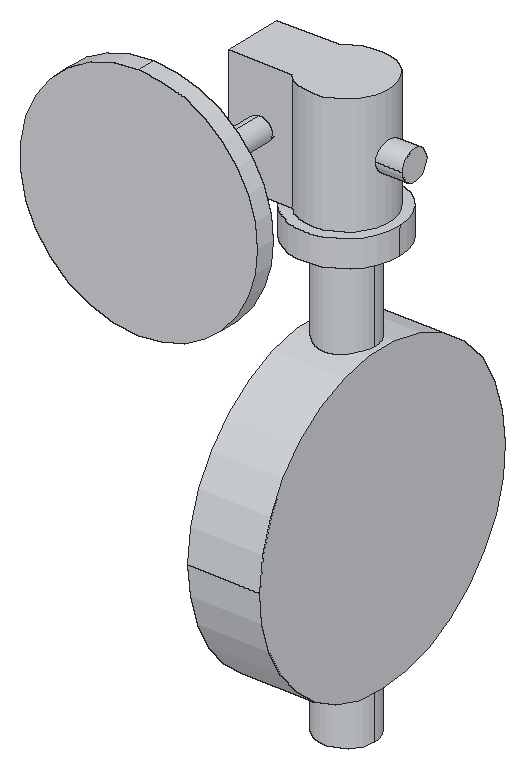
Revit family "HS497-68_disk-nerez_převodové kolo DN200-RFA_2018", category Pipe Accessories, Revit 2018
Family settings
  Round Connector Dimension = Use Diameter
  Part Type = Valve - Breaks Into
  Work Plane-Based = No
  Always vertical = Yes
  Cut with Voids When Loaded = No
  Shared = No
Parameters (values of type "HS 497-68_DN200_PN16_převodové kolo")
  magiProductId = "b2793cc1fcc44cf2a35062cd67c04f"
  magiProductFamilyId = "53cea81e6f374d17b8841d9c72ad77"
  magiPartTypeId = 305
  isMeasuringValve [instance] = no
  ang2D [instance] = 0.00°
  X11 = 61.456 mm
  X1 = 25.456 mm
  W2D = 1000 mm
  VersionID = "2.0/2017.9.26.1/ZETKAMA_497_001"
  Use Minimum Symbol Size [instance] = yes
  URL = "http://www.hydronic.cz"
  Type Comments = "mezipřírubová; nerezový disk; PN16; -10~+110°C (krátkodobě +120°C)"
  SW30 = yes
  SW3 = yes
  SW21 = no
  SW20 = no
  SW2 = no
  SW1 = no
  R = 100 mm
  QmdConnectorList = "301;D;302;D"
  Productdata [instance] = ""
  NC = 57 mm
  Manufacturer = "Hydronic Systems Prague s.r.o."
  MM20 = 25.456 mm
  MC Product Code = "126 200 (nerezový disk, s převodovým kolem; DN200; PN16, kvs2675)"
  M41 = 78.75 mm
  M4 = 52.5 mm
  LHL = 220 mm
  LHH3 = 2.45 mm
  LHH1 = 46.55 mm
  LH1 = 73.333 mm
  L4R__ve = -L4R  # -15.2 mm
  L4R = 15.2 mm
  L42__ve = -L42  # -114 mm
  L42 = 114 mm
  L41__ve = -L41  # -22.8 mm
  L41 = 22.8 mm
  L2D_Min = 3048 mm
  L2D = 216 mm
  L2 = 30 mm
  L1 = 48 mm
  L = 60 mm
  H = 33 mm
  G22 = 11.25 mm
  G2 = 22.5 mm
  G1 = 90 mm
  G = 90 mm
  F = 17 mm
  E44 = 50 mm
  E42 = 100 mm
  E4 = 200 mm
  E23 = 4.9 mm
  E22 = 19.6 mm
  E21 = 9.8 mm
  Description = "Mezipřírubová uzavírací klapka s převodovým kolem; nerezový disk, DN200; PN16; kvs2675"
  DR2 = 100 mm
  DR = 257 mm
  DD1 = 25 mm
  DD = 20 mm
  D = 200 mm
  CAT0 = yes
  B2__ve = -B2  # -70 mm
  B2 = 70 mm
  A2 = 22.5 mm
  A1 = 102.5 mm
Types (43, lengths in mm): name | magiProductId | X11 | X1 | Type Comments | SW30 | SW3 | SW20 | SW2 | SW1 | R | NC | Manufacturer | MM20 | MC Product Code | M41 | M4 | LHL | LHH3 | LHH1 | LH1 | L4R__ve | L4R | L42__ve | L42 | L41__ve | L41 | L2 | L1 | L | H | G | F | E44 | E42 | E4 | E23 | E22 | E21 | Description | DR2 | DR | DD1 | DD | D | B2__ve | B2 | A2 | A1
  HS 497-68_DN100_PN16_volné vřeteno | "65d1b245f4f142c78569c0602d5754" | 61.456 | 25.456 | "mezipřírubová; nerezový disk; PN16; -10~+110°C (krátkodobě +120°C)" | no | no | no | no | yes | 50 | 50 | "Hydronic Systems Prague s.r.o." | 25.456 | "124 100 (nerezový disk, s volným vřetenem; DN100; PN16, kvs512)" | 66 | 44 | 220 | 2.45 | 46.55 | 73.333 | -12.8 | 12.8 | -96 | 96 | -19.2 | 19.2 | 26 | 41.6 | 52 | 30 | 90 | 11 | 31.25 | 62.5 | 125 | 4.9 | 19.6 | 9.8 | "Mezipřírubová uzavírací klapka s volným vřetenem; nerezový disk, DN100; PN16; kvs512" | 50 | 147 | 15.625 | 12.5 | 100 | -56 | 56 | 16.5 | 98.5
  HS 497-68_DN100_PN16_převodové kolo | "11e91b807e674d428c8e796fcdcfe2" | 61.456 | 25.456 | "mezipřírubová; nerezový disk; PN16; -10~+110°C (krátkodobě +120°C)" | yes | yes | no | no | no | 50 | 50 | "Hydronic Systems Prague s.r.o." | 25.456 | "126 100 (nerezový disk, s převodovým kolem; DN100; PN16, kvs512)" | 65.25 | 43.5 | 220 | 2.45 | 46.55 | 73.333 | -12.8 | 12.8 | -96 | 96 | -19.2 | 19.2 | 26 | 41.6 | 52 | 30 | 90 | 11 | 31.25 | 62.5 | 125 | 4.9 | 19.6 | 9.8 | "Mezipřírubová uzavírací klapka s převodovým kolem; nerezový disk, DN100; PN16; kvs512" | 50 | 147 | 15.625 | 12.5 | 100 | -56 | 56 | 16.5 | 98.5
  HS 497-68_DN100_PN16_s pákou | "28172f0b3f4b47b28323ac71cf8749" | 61.456 | 25.456 | "mezipřírubová; nerezový disk; PN16; -10~+110°C (krátkodobě +120°C)" | no | no | yes | yes | no | 50 | 50 | "Hydronic Systems Prague s.r.o." | 25.456 | "121 100 (nerezový disk, s pákou; DN100; PN16, kvs512)" | 66 | 44 | 260 | 3 | 57 | 86.667 | -12.8 | 12.8 | -96 | 96 | -19.2 | 19.2 | 26 | 41.6 | 52 | 30 | 90 | 11 | 31.25 | 62.5 | 125 | 6 | 24 | 12 | "Mezipřírubová uzavírací klapka s pákou; nerezový disk, DN100; PN16; kvs512" | 50 | 147 | 15.625 | 12.5 | 100 | -56 | 56 | 16.5 | 98.5
  HS 497-68_DN125_PN16_volné vřeteno | "0d813d910fc14f628bb3c2efbd185c" | 61.456 | 25.456 | "mezipřírubová; nerezový disk; PN16; -10~+110°C (krátkodobě +120°C)" | no | no | no | no | yes | 62.5 | 50 | "Hydronic Systems Prague s.r.o." | 25.456 | "124 125 (nerezový disk, s volným vřetenem; DN125; PN16, kvs872)" | 66 | 44 | 220 | 2.45 | 46.55 | 73.333 | -12.8 | 12.8 | -96 | 96 | -19.2 | 19.2 | 28 | 44.8 | 56 | 33 | 90 | 14 | 31.25 | 62.5 | 125 | 4.9 | 19.6 | 9.8 | "Mezipřírubová uzavírací klapka s volným vřetenem; nerezový disk, DN125; PN16; kvs872" | 62.5 | 180 | 15.625 | 12.5 | 125 | -64 | 64 | 18 | 99.5
  HS 497-68_DN125_PN16_převodové kolo | "c56b7c13f372467684996fb1e0e229" | 61.456 | 25.456 | "mezipřírubová; nerezový disk; PN16; -10~+110°C (krátkodobě +120°C)" | yes | yes | no | no | no | 62.5 | 50 | "Hydronic Systems Prague s.r.o." | 25.456 | "126125 (nerezový disk, s převodovým kolem; DN125; PN16, kvs872)" | 65.25 | 43.5 | 220 | 2.45 | 46.55 | 73.333 | -13.5 | 13.5 | -101.25 | 101.25 | -20.25 | 20.25 | 28 | 44.8 | 56 | 33 | 90 | 14 | 40 | 80 | 160 | 4.9 | 19.6 | 9.8 | "Mezipřírubová uzavírací klapka s převodovým kolem; nerezový disk, DN125; PN16; kvs872" | 62.5 | 180 | 20 | 16 | 125 | -64 | 64 | 18 | 99.5
  HS 497-68_DN125_PN16_s pákou | "105993c79a91492399feef7931321a" | 61.456 | 25.456 | "mezipřírubová; nerezový disk; PN16; -10~+110°C (krátkodobě +120°C)" | no | no | yes | yes | no | 62.5 | 50 | "Hydronic Systems Prague s.r.o." | 25.456 | "121 125 (nerezový disk, s pákou; DN125; PN16, kvs872)" | 66 | 44 | 315 | 3.75 | 71.25 | 105 | -12.8 | 12.8 | -96 | 96 | -19.2 | 19.2 | 28 | 44.8 | 56 | 33 | 90 | 14 | 31.25 | 62.5 | 125 | 7.5 | 30 | 15 | "Mezipřírubová uzavírací klapka s pákou; nerezový disk, DN125; PN16; kvs872" | 62.5 | 180 | 15.625 | 12.5 | 125 | -64 | 64 | 18 | 99.5
  HS 497-68_DN150_PN16_volné vřeteno | "50c80cb8ab434f55ab7796e5ac1331" | 61.456 | 25.456 | "mezipřírubová; nerezový disk; PN16; -10~+110°C (krátkodobě +120°C)" | no | no | no | no | yes | 75 | 50 | "Hydronic Systems Prague s.r.o." | 25.456 | "124 150 (nerezový disk, s volným vřetenem; DN150; PN16, kvs1347)" | 66 | 44 | 220 | 2.45 | 46.55 | 73.333 | -12.8 | 12.8 | -96 | 96 | -19.2 | 19.2 | 28 | 44.8 | 56 | 33 | 90 | 14 | 31.25 | 62.5 | 125 | 4.9 | 19.6 | 9.8 | "Mezipřírubová uzavírací klapka s volným vřetenem; nerezový disk, DN150; PN16; kvs1347" | 75 | 206 | 15.625 | 12.5 | 150 | -58 | 58 | 19.3 | 98.7
  HS 497-68_DN150_PN16_převodové kolo | "d94a1a0cf83b476eb10011b327f709" | 61.456 | 25.456 | "mezipřírubová; nerezový disk; PN16; -10~+110°C (krátkodobě +120°C)" | yes | yes | no | no | no | 75 | 50 | "Hydronic Systems Prague s.r.o." | 25.456 | "126 150 (nerezový disk, s převodovým kolem; DN150; PN16, kvs1347)" | 65.25 | 43.5 | 220 | 2.45 | 46.55 | 73.333 | -13.5 | 13.5 | -101.25 | 101.25 | -20.25 | 20.25 | 28 | 44.8 | 56 | 33 | 90 | 14 | 40 | 80 | 160 | 4.9 | 19.6 | 9.8 | "Mezipřírubová uzavírací klapka s převodovým kolem; nerezový disk, DN150; PN16; kvs1347" | 75 | 206 | 20 | 16 | 150 | -58 | 58 | 19.3 | 98.7
  HS 497-68_DN150_PN16_s pákou | "4d2835523fe84828bc50ff0a5a0dfb" | 61.456 | 25.456 | "mezipřírubová; nerezový disk; PN16; -10~+110°C (krátkodobě +120°C)" | no | no | yes | yes | no | 75 | 50 | "Hydronic Systems Prague s.r.o." | 25.456 | "121 150 (nerezový disk, s pákou; DN150; PN16, kvs1347)" | 66 | 44 | 315 | 3.75 | 71.25 | 105 | -12.8 | 12.8 | -96 | 96 | -19.2 | 19.2 | 28 | 44.8 | 56 | 33 | 90 | 14 | 31.25 | 62.5 | 125 | 7.5 | 30 | 15 | "Mezipřírubová uzavírací klapka s pákou; nerezový disk, DN150; PN16; kvs1347" | 75 | 206 | 15.625 | 12.5 | 150 | -58 | 58 | 19.3 | 98.7
  HS 497-68_DN200_PN16_volné vřeteno | "5b29029eaeba47139ee1055a4b9201" | 61.456 | 25.456 | "mezipřírubová; nerezový disk; PN16; -10~+110°C (krátkodobě +120°C)" | no | no | no | no | yes | 100 | 50 | "Hydronic Systems Prague s.r.o." | 25.456 | "124 200 (nerezový disk, s volným vřetenem; DN200; PN16, kvs2675)" | 66 | 44 | 220 | 2.45 | 46.55 | 73.333 | -12.8 | 12.8 | -96 | 96 | -19.2 | 19.2 | 30 | 48 | 60 | 33 | 90 | 17 | 31.25 | 62.5 | 125 | 4.9 | 19.6 | 9.8 | "Mezipřírubová uzavírací klapka s volným vřetenem; nerezový disk, DN200; PN16; kvs2675" | 100 | 257 | 15.625 | 12.5 | 200 | -70 | 70 | 22.5 | 102.5
  HS 497-68_DN200_PN16_převodové kolo | "b2793cc1fcc44cf2a35062cd67c04f" | 61.456 | 25.456 | "mezipřírubová; nerezový disk; PN16; -10~+110°C (krátkodobě +120°C)" | yes | yes | no | no | no | 100 | 57 | "Hydronic Systems Prague s.r.o." | 25.456 | "126 200 (nerezový disk, s převodovým kolem; DN200; PN16, kvs2675)" | 78.75 | 52.5 | 220 | 2.45 | 46.55 | 73.333 | -15.2 | 15.2 | -114 | 114 | -22.8 | 22.8 | 30 | 48 | 60 | 33 | 90 | 17 | 50 | 100 | 200 | 4.9 | 19.6 | 9.8 | "Mezipřírubová uzavírací klapka s převodovým kolem; nerezový disk, DN200; PN16; kvs2675" | 100 | 257 | 25 | 20 | 200 | -70 | 70 | 22.5 | 102.5
  HS 497-68_DN200_PN16_s pákou | "f88d96c7af224537a51e72d7d8fffe" | 61.456 | 25.456 | "mezipřírubová; nerezový disk; PN16; -10~+110°C (krátkodobě +120°C)" | no | no | yes | yes | no | 100 | 50 | "Hydronic Systems Prague s.r.o." | 25.456 | "121 200 (nerezový disk, s pákou; DN200; PN16, kvs2675)" | 66 | 44 | 315 | 3.75 | 71.25 | 105 | -12.8 | 12.8 | -96 | 96 | -19.2 | 19.2 | 30 | 48 | 60 | 33 | 90 | 17 | 31.25 | 62.5 | 125 | 7.5 | 30 | 15 | "Mezipřírubová uzavírací klapka s pákou; nerezový disk, DN200; PN16; kvs2675" | 100 | 257 | 15.625 | 12.5 | 200 | -70 | 70 | 22.5 | 102.5
  HS 497-68_DN250_PN16_volné vřeteno | "b662e8305ca2402b9c510e66e6aa55" | 88.77 | 36.77 | "mezipřírubová; nerezový disk; PN16; -10~+110°C (krátkodobě +120°C)" | no | no | no | no | yes | 125 | 50 | "Hydronic Systems Prague s.r.o." | 36.77 | "124 250 (nerezový disk, s volným vřetenem; DN250; PN16, kvs4555)" | 66 | 44 | 220 | 2.45 | 46.55 | 73.333 | -12.8 | 12.8 | -96 | 96 | -19.2 | 19.2 | 34 | 54.4 | 68 | 23 | 130 | 22 | 31.25 | 62.5 | 125 | 4.9 | 19.6 | 9.8 | "Mezipřírubová uzavírací klapka s volným vřetenem; nerezový disk, DN250; PN16; kvs4555" | 125 | 324 | 15.625 | 12.5 | 250 | -85 | 85 | 28.25 | 129.25
  HS 497-68_DN250_PN16_převodové kolo | "5ee9016806664ddfaa2632711f295c" | 88.77 | 36.77 | "mezipřírubová; nerezový disk; PN16; -10~+110°C (krátkodobě +120°C)" | yes | yes | no | no | no | 125 | 70 | "Hydronic Systems Prague s.r.o." | 36.77 | "126 250 (nerezový disk, s převodovým kolem; DN250; PN16, kvs4555)" | 91.5 | 61 | 220 | 2.45 | 46.55 | 73.333 | -22.2 | 22.2 | -166.5 | 166.5 | -33.3 | 33.3 | 34 | 54.4 | 68 | 23 | 130 | 22 | 62.5 | 125 | 250 | 4.9 | 19.6 | 9.8 | "Mezipřírubová uzavírací klapka s převodovým kolem; nerezový disk, DN250; PN16; kvs4555" | 125 | 324 | 31.25 | 25 | 250 | -85 | 85 | 28.25 | 129.25
  HS 497-68_DN300_PN16_volné vřeteno | "e1886f51ff004380a649519258edf2" | 88.77 | 36.77 | "mezipřírubová; nerezový disk; PN16; -10~+110°C (krátkodobě +120°C)" | no | no | no | no | yes | 150 | 50 | "Hydronic Systems Prague s.r.o." | 36.77 | "124 300 (nerezový disk, s volným vřetenem; DN300; PN16, kvs7037)" | 66 | 44 | 220 | 2.45 | 46.55 | 73.333 | -12.8 | 12.8 | -96 | 96 | -19.2 | 19.2 | 39 | 62.4 | 78 | 23 | 130 | 22 | 31.25 | 62.5 | 125 | 4.9 | 19.6 | 9.8 | "Mezipřírubová uzavírací klapka s volným vřetenem; nerezový disk, DN300; PN16; kvs7037" | 150 | 376 | 15.625 | 12.5 | 300 | -90 | 90 | 30.8 | 127.2
  HS 497-68_DN300_PN16_převodové kolo | "6860f094f77d42088fbebc3c97f755" | 88.77 | 36.77 | "mezipřírubová; nerezový disk; PN16; -10~+110°C (krátkodobě +120°C)" | yes | yes | no | no | no | 150 | 70 | "Hydronic Systems Prague s.r.o." | 36.77 | "126 300 (nerezový disk, s převodovým kolem; DN300; PN16, kvs7037)" | 91.5 | 61 | 220 | 2.45 | 46.55 | 73.333 | -22.2 | 22.2 | -166.5 | 166.5 | -33.3 | 33.3 | 39 | 62.4 | 78 | 23 | 130 | 22 | 62.5 | 125 | 250 | 4.9 | 19.6 | 9.8 | "Mezipřírubová uzavírací klapka s převodovým kolem; nerezový disk, DN300; PN16; kvs7037" | 150 | 376 | 31.25 | 25 | 300 | -90 | 90 | 30.8 | 127.2
  HS 497-68_DN032_PN16_volné vřeteno | "8c5f65de52aa4067a77564107e31b2" | 61.456 | 25.456 | "mezipřírubová; nerezový disk; PN16; -10~+110°C (krátkodobě +120°C)" | no | no | no | no | yes | 16 | 50 | "Hydronic Systems Prague s.r.o." | 25.456 | "124 032 (nerezový disk, s volným vřetenem; DN32; PN16, kvs78)" | 66 | 44 | 220 | 2.45 | 46.55 | 73.333 | -12.8 | 12.8 | -96 | 96 | -19.2 | 19.2 | 16.5 | 26.4 | 33 | 30 | 90 | 11 | 31.25 | 62.5 | 125 | 4.9 | 19.6 | 9.8 | "Mezipřírubová uzavírací klapka s volným vřetenem; nerezový disk, DN32; PN16; kvs78" | 16 | 68 | 15.625 | 12.5 | 32 | -44.2 | 44.2 | 10.25 | 76.25
  HS 497-68_DN032_PN16_převodové kolo | "60aaeffa8b3a4e809ef000e4660060" | 61.456 | 25.456 | "mezipřírubová; nerezový disk; PN16; -10~+110°C (krátkodobě +120°C)" | yes | yes | no | no | no | 16 | 50 | "Hydronic Systems Prague s.r.o." | 25.456 | "126 032 (nerezový disk, s převodovým kolem; DN32; PN16, kvs78)" | 65.25 | 43.5 | 220 | 2.45 | 46.55 | 73.333 | -12.8 | 12.8 | -96 | 96 | -19.2 | 19.2 | 16.5 | 26.4 | 33 | 30 | 90 | 11 | 31.25 | 62.5 | 125 | 4.9 | 19.6 | 9.8 | "Mezipřírubová uzavírací klapka s převodovým kolem; nerezový disk, DN32; PN16; kvs78" | 16 | 68 | 15.625 | 12.5 | 32 | -44.2 | 44.2 | 10.25 | 76.25
  HS 497-68_DN032_PN16_s pákou | "9ad8088d610749a1b871aa2aad8007" | 61.456 | 25.456 | "mezipřírubová; nerezový disk; PN16; -10~+110°C (krátkodobě +120°C)" | no | no | yes | yes | no | 16 | 50 | "Hydronic Systems Prague s.r.o." | 25.456 | "121 032 (nerezový disk, s pákou; DN32; PN16, kvs78)" | 66 | 44 | 220 | 2.45 | 46.55 | 73.333 | -12.8 | 12.8 | -96 | 96 | -19.2 | 19.2 | 16.5 | 26.4 | 33 | 30 | 90 | 11 | 31.25 | 62.5 | 125 | 4.9 | 19.6 | 9.8 | "Mezipřírubová uzavírací klapka s pákou; nerezový disk, DN32; PN16; kvs78" | 16 | 68 | 15.625 | 12.5 | 32 | -44.2 | 44.2 | 10.25 | 76.25
  HS 497-68_DN350_PN10_volné vřeteno | "72a1e05f22944421b7e9596a877137" | 109.255 | 45.255 | "mezipřírubová; nerezový disk; PN10; -10~+110°C (krátkodobě +120°C)" | no | no | no | no | yes | 175 | 50 | "Hydronic Systems Prague s.r.o." | 45.255 | "124 350 (nerezový disk, s volným vřetenem; DN350; PN10, kvs10165)" | 66 | 44 | 220 | 2.45 | 46.55 | 73.333 | -12.8 | 12.8 | -96 | 96 | -19.2 | 19.2 | 39 | 62.4 | 78 | 31 | 160 | 22 | 31.25 | 62.5 | 125 | 4.9 | 19.6 | 9.8 | "Mezipřírubová uzavírací klapka s volným vřetenem; nerezový disk, DN350; PN10; kvs10165" | 175 | 430 | 15.625 | 12.5 | 350 | -88 | 88 | 33.85 | 129.65
  HS 497-68_DN350_PN10_převodové kolo | "a5a01426cb28494ba3afca92f1dace" | 109.255 | 45.255 | "mezipřírubová; nerezový disk; PN10; -10~+110°C (krátkodobě +120°C)" | yes | yes | no | no | no | 175 | 70 | "Hydronic Systems Prague s.r.o." | 45.255 | "126 350 (nerezový disk, s převodovým kolem; DN350; PN10, kvs10165)" | 91.5 | 61 | 220 | 2.45 | 46.55 | 73.333 | -22.2 | 22.2 | -166.5 | 166.5 | -33.3 | 33.3 | 39 | 62.4 | 78 | 31 | 160 | 22 | 62.5 | 125 | 250 | 4.9 | 19.6 | 9.8 | "Mezipřírubová uzavírací klapka s převodovým kolem; nerezový disk, DN350; PN10; kvs10165" | 175 | 430 | 31.25 | 25 | 350 | -88 | 88 | 33.85 | 129.65
  HS 497-68_DN400_PN10_volné vřeteno | "c70ebeb927c04ab99b176e257ad0a7" | 109.255 | 45.255 | "mezipřírubová; nerezový disk; PN10; -10~+110°C (krátkodobě +120°C)" | no | no | no | no | yes | 200 | 50 | "Hydronic Systems Prague s.r.o." | 45.255 | "124 400 (nerezový disk, s volným vřetenem; DN400; PN10, kvs13799)" | 66 | 44 | 220 | 2.45 | 46.55 | 73.333 | -12.8 | 12.8 | -96 | 96 | -19.2 | 19.2 | 51 | 81.6 | 102 | 31 | 160 | 27 | 31.25 | 62.5 | 125 | 4.9 | 19.6 | 9.8 | "Mezipřírubová uzavírací klapka s volným vřetenem; nerezový disk, DN400; PN10; kvs13799" | 200 | 485 | 15.625 | 12.5 | 400 | -108 | 108 | 38 | 142
  HS 497-68_DN400_PN10_převodové kolo | "cc64a4384dcb41b780d81810f4f293" | 109.255 | 45.255 | "mezipřírubová; nerezový disk; PN10; -10~+110°C (krátkodobě +120°C)" | yes | yes | no | no | no | 200 | 72.5 | "Hydronic Systems Prague s.r.o." | 45.255 | "126 400 (nerezový disk, s převodovým kolem; DN400; PN10, kvs13799)" | 103.5 | 69 | 220 | 2.45 | 46.55 | 73.333 | -27.8 | 27.8 | -208.5 | 208.5 | -41.7 | 41.7 | 51 | 81.6 | 102 | 31 | 160 | 27 | 75 | 150 | 300 | 4.9 | 19.6 | 9.8 | "Mezipřírubová uzavírací klapka s převodovým kolem; nerezový disk, DN400; PN10; kvs13799" | 200 | 485 | 37.5 | 30 | 400 | -108 | 108 | 38 | 142
  HS 497-68_DN040_PN16_volné vřeteno | "35f92312390745e88df5b5c325d9ee" | 61.456 | 25.456 | "mezipřírubová; nerezový disk; PN16; -10~+110°C (krátkodobě +120°C)" | no | no | no | no | yes | 20 | 50 | "Hydronic Systems Prague s.r.o." | 25.456 | "124 040 (nerezový disk, s volným vřetenem; DN40; PN16, kvs78)" | 66 | 44 | 220 | 2.45 | 46.55 | 73.333 | -12.8 | 12.8 | -96 | 96 | -19.2 | 19.2 | 16.5 | 26.4 | 33 | 30 | 90 | 11 | 31.25 | 62.5 | 125 | 4.9 | 19.6 | 9.8 | "Mezipřírubová uzavírací klapka s volným vřetenem; nerezový disk, DN40; PN16; kvs78" | 20 | 76 | 15.625 | 12.5 | 40 | -36 | 36 | 11 | 79
  HS 497-68_DN040_PN16_převodové kolo | "d88e968eae3445bc9b7b4e6ff35127" | 61.456 | 25.456 | "mezipřírubová; nerezový disk; PN16; -10~+110°C (krátkodobě +120°C)" | yes | yes | no | no | no | 20 | 50 | "Hydronic Systems Prague s.r.o." | 25.456 | "126 040 (nerezový disk, s převodovým kolem; DN40; PN16, kvs78)" | 65.25 | 43.5 | 220 | 2.45 | 46.55 | 73.333 | -12.8 | 12.8 | -96 | 96 | -19.2 | 19.2 | 16.5 | 26.4 | 33 | 30 | 90 | 11 | 31.25 | 62.5 | 125 | 4.9 | 19.6 | 9.8 | "Mezipřírubová uzavírací klapka s převodovým kolem; nerezový disk, DN40; PN16; kvs78" | 20 | 76 | 15.625 | 12.5 | 40 | -36 | 36 | 11 | 79
  HS 497-68_DN040_PN16_s pákou | "c1b522ca65b4407a98818f232eaacb" | 61.456 | 25.456 | "mezipřírubová; nerezový disk; PN16; -10~+110°C (krátkodobě +120°C)" | no | no | yes | yes | no | 20 | 50 | "Hydronic Systems Prague s.r.o." | 25.456 | "121 040 (nerezový disk, s pákou; DN40; PN16, kvs78)" | 66 | 44 | 220 | 2.45 | 46.55 | 73.333 | -12.8 | 12.8 | -96 | 96 | -19.2 | 19.2 | 16.5 | 26.4 | 33 | 30 | 90 | 11 | 31.25 | 62.5 | 125 | 4.9 | 19.6 | 9.8 | "Mezipřírubová uzavírací klapka s pákou; nerezový disk, DN40; PN16; kvs78" | 20 | 76 | 15.625 | 12.5 | 40 | -36 | 36 | 11 | 79
  HS 497-68_DN450_PN10_volné vřeteno | "a8358bc282f14872b3194e530e590a" | 129.74 | 53.74 | "mezipřírubová; nerezový disk; PN10; -10~+110°C (krátkodobě +120°C)" | no | no | no | no | yes | 225 | 50 | "Hydronic Systems Prague s.r.o." | 53.74 | "124 450 (nerezový disk, s volným vřetenem; DN450; PN10, kvs18514)" | 66 | 44 | 220 | 2.45 | 46.55 | 73.333 | -12.8 | 12.8 | -96 | 96 | -19.2 | 19.2 | 57 | 91.2 | 114 | 38 | 190 | 36 | 31.25 | 62.5 | 125 | 4.9 | 19.6 | 9.8 | "Mezipřírubová uzavírací klapka s volným vřetenem; nerezový, DN450; PN10; kvs18514" | 225 | 536 | 15.625 | 12.5 | 450 | -115 | 115 | 38.05 | 117.45
  HS 497-68_DN450_PN10_převodové kolo | "cdf2d80f54a9414f9cbe50647c0ebd" | 129.74 | 53.74 | "mezipřírubová; nerezový disk; PN10; -10~+110°C (krátkodobě +120°C)" | yes | yes | no | no | no | 225 | 91.5 | "Zetkama" | 53.74 | "126 450 (nerezový disk, s převodovým kolem; DN450; PN10, kvs18514)" | 144.75 | 96.5 | 220 | 2.45 | 46.55 | 73.333 | -32.1 | 32.1 | -240.75 | 240.75 | -48.15 | 48.15 | 57 | 91.2 | 114 | 38 | 190 | 36 | 100 | 200 | 400 | 4.9 | 19.6 | 9.8 | "Mezipřírubová uzavírací klapka s převodovým kolem; nerezový disk, DN450; PN10; kvs18514" | 225 | 536 | 50 | 40 | 450 | -115 | 115 | 38.05 | 117.45
  HS 497-68_DN500_PN10_volné vřeteno | "8c396e27bb2743f98f3c762b6517cd" | 143.397 | 59.397 | "mezipřírubová; nerezový disk; PN10; -10~+110°C (krátkodobě +120°C)" | no | no | no | no | yes | 250 | 50 | "Hydronic Systems Prague s.r.o." | 59.397 | "124 500 (nerezový disk, s volným vřetenem; DN500; PN10, kvs23805)" | 66 | 44 | 220 | 2.45 | 46.55 | 73.333 | -12.8 | 12.8 | -96 | 96 | -19.2 | 19.2 | 63.5 | 101.6 | 127 | 38 | 210 | 36 | 31.25 | 62.5 | 125 | 4.9 | 19.6 | 9.8 | "Mezipřírubová uzavírací klapka s volným vřetenem; nerezový disk, DN500; PN10; kvs23805" | 250 | 593 | 15.625 | 12.5 | 500 | -130 | 130 | 43.25 | 139.25
  HS 497-68_DN500_PN10_převodové kolo | "7647804f32e94cef828a7034a91a46" | 143.397 | 59.397 | "mezipřírubová; nerezový disk; PN10; -10~+110°C (krátkodobě +120°C)" | yes | yes | no | no | no | 250 | 91.5 | "Zetkama" | 59.397 | "126 500 (nerezový disk, s převodovým kolem; DN500; PN10, kvs23805)" | 144.75 | 96.5 | 220 | 2.45 | 46.55 | 73.333 | -32.1 | 32.1 | -240.75 | 240.75 | -48.15 | 48.15 | 63.5 | 101.6 | 127 | 38 | 210 | 36 | 100 | 200 | 400 | 4.9 | 19.6 | 9.8 | "Mezipřírubová uzavírací klapka s převodovým kolem; nerezový disk, DN500; PN10; kvs23805" | 250 | 593 | 50 | 40 | 500 | -130 | 130 | 43.25 | 139.25
  HS 497-68_DN050_volné vřeteno | "d71f296ecd6d4adf8f6e5d9853b4e0" | 61.456 | 25.456 | "mezipřírubová; nerezový disk; PN16; -10~+110°C (krátkodobě +120°C)" | no | no | no | no | yes | 25 | 50 | "Hydronic Systems Prague s.r.o." | 25.456 | "124 050 (nerezový disk, s volným vřetenem; DN50; PN16, kvs98)" | 66 | 44 | 220 | 2.45 | 46.55 | 73.333 | -12.8 | 12.8 | -96 | 96 | -19.2 | 19.2 | 21.5 | 34.4 | 43 | 30 | 90 | 11 | 31.25 | 62.5 | 125 | 4.9 | 19.6 | 9.8 | "Mezipřírubová uzavírací klapka s volným vřetenem; nerezový disk, DN50; PN16; kvs98" | 25 | 100 | 15.625 | 12.5 | 50 | -36.5 | 36.5 | 12 | 83
  HS 497-68_DN050_PN16_převodové kolo | "2fb080deeaed49c58418b94c1da5a4" | 61.456 | 25.456 | "mezipřírubová; nerezový disk; PN16; -10~+110°C (krátkodobě +120°C)" | yes | yes | no | no | no | 25 | 50 | "Hydronic Systems Prague s.r.o." | 25.456 | "126 050 (nerezový disk, s převodovým kolem; DN50; PN16, kvs98)" | 65.25 | 43.5 | 220 | 2.45 | 46.55 | 73.333 | -12.8 | 12.8 | -96 | 96 | -19.2 | 19.2 | 21.5 | 34.4 | 43 | 30 | 90 | 11 | 31.25 | 62.5 | 125 | 4.9 | 19.6 | 9.8 | "Mezipřírubová uzavírací klapka s převodovým kolem; nerezový disk, DN50; PN16; kvs98" | 25 | 100 | 15.625 | 12.5 | 50 | -36.5 | 36.5 | 12 | 83
  HS 497-68_DN050_PN16_s pákou | "dabc632061f94877a994b9b4e68112" | 61.456 | 25.456 | "mezipřírubová; nerezový disk; PN16; -10~+110°C (krátkodobě +120°C)" | no | no | yes | yes | no | 25 | 50 | "Hydronic Systems Prague s.r.o." | 25.456 | "121 050 (nerezový disk, s pákou; DN50; PN16, kvs98)" | 66 | 44 | 220 | 2.45 | 46.55 | 73.333 | -12.8 | 12.8 | -96 | 96 | -19.2 | 19.2 | 21.5 | 34.4 | 43 | 30 | 90 | 11 | 31.25 | 62.5 | 125 | 4.9 | 19.6 | 9.8 | "Mezipřírubová uzavírací klapka s pákou; nerezový disk, DN50; PN16; kvs98" | 25 | 100 | 15.625 | 12.5 | 50 | -36.5 | 36.5 | 12 | 83
  HS 497-68_DN600_PN10_volné vřeteno | "99d5892c14664fce81a7c5903f7711" | 143.397 | 59.397 | "mezipřírubová; nerezový disk; PN10; -10~+110°C (krátkodobě +120°C)" | no | no | no | no | yes | 300 | 50 | "Hydronic Systems Prague s.r.o." | 59.397 | "124 600 (nerezový disk, s volným vřetenem; DN600; PN10, kvs36778)" | 66 | 44 | 220 | 2.45 | 46.55 | 73.333 | -12.8 | 12.8 | -96 | 96 | -19.2 | 19.2 | 77 | 123.2 | 154 | 80 | 210 | 60 | 31.25 | 62.5 | 125 | 4.9 | 19.6 | 9.8 | "Mezipřírubová uzavírací klapka s volným vřetenem; nerezový disk, DN600; PN10; kvs36788" | 300 | 690 | 15.625 | 12.5 | 600 | -140 | 140 | 49.4 | 144.6
  HS 497-68_DN600_PN10_převodové kolo | "b1e26faab48a4c499f6bb11e7e3002" | 143.397 | 59.397 | "mezipřírubová; lnerezový disk; PN10; -10~+110°C (krátkodobě +120°C)" | yes | yes | no | no | no | 300 | 140 | "Hydronic Systems Prague s.r.o." | 59.397 | "126 600 (nerezový disk, s převodovým kolem; DN600; PN10, kvs36778)" | 206.25 | 137.5 | 220 | 2.45 | 46.55 | 73.333 | -40.8 | 40.8 | -306 | 306 | -61.2 | 61.2 | 77 | 123.2 | 154 | 80 | 210 | 60 | 125 | 250 | 500 | 4.9 | 19.6 | 9.8 | "Mezipřírubová uzavírací klapka s převodovým kolem; nerezový disk, DN600; PN10; kvs36788" | 300 | 690 | 62.5 | 50 | 600 | -140 | 140 | 49.4 | 144.6
  HS 497-68_DN065_PN16_volné vřeteno | "5e5e208646e34ec29f889baab5d08e" | 61.456 | 25.456 | "mezipřírubová; lnerezový disk; PN16; -10~+110°C (krátkodobě +120°C)" | no | no | no | no | yes | 32.5 | 50 | "Hydronic Systems Prague s.r.o." | 25.456 | "124 065 (nerezový disk, s volným vřetenem; DN65; PN16, kvs167)" | 66 | 44 | 220 | 2.45 | 46.55 | 73.333 | -12.8 | 12.8 | -96 | 96 | -19.2 | 19.2 | 23 | 36.8 | 46 | 30 | 90 | 11 | 31.25 | 62.5 | 125 | 4.9 | 19.6 | 9.8 | "Mezipřírubová uzavírací klapka s volným vřetenem; nerezový disk, DN65; PN16; kv167" | 32.5 | 108 | 15.625 | 12.5 | 65 | -36.5 | 36.5 | 13.5 | 89
  HS 497-68_DN065_PN16_převodové kolo | "654d74c8d15540b0bfe523d988ccb3" | 61.456 | 25.456 | "mezipřírubová; nerezový disk; PN16; -10~+110°C (krátkodobě +120°C)" | yes | yes | no | no | no | 32.5 | 50 | "Hydronic Systems Prague s.r.o." | 25.456 | "126 065 (nerezový disk, s převodovým kolem; DN65; PN16, kvs167)" | 65.25 | 43.5 | 220 | 2.45 | 46.55 | 73.333 | -12.8 | 12.8 | -96 | 96 | -19.2 | 19.2 | 23 | 36.8 | 46 | 30 | 90 | 11 | 31.25 | 62.5 | 125 | 4.9 | 19.6 | 9.8 | "Mezipřírubová uzavírací klapka s převodovým kolem; nerezový disk, DN65; PN16; kvs167" | 32.5 | 108 | 15.625 | 12.5 | 65 | -36.5 | 36.5 | 13.5 | 89
  HS 497-68_DN065_PN16_s pákou | "ebeb4b59db0641caaf6d6635ab37b9" | 61.456 | 25.456 | "mezipřírubová; nerezový disk; PN16; -10~+110°C (krátkodobě +120°C)" | no | no | yes | yes | no | 32.5 | 50 | "Hydronic Systems Prague s.r.o." | 25.456 | "121 065 (nerezový disk, s pákou; DN65; PN16, kvs167)" | 66 | 44 | 220 | 2.45 | 46.55 | 73.333 | -12.8 | 12.8 | -96 | 96 | -19.2 | 19.2 | 23 | 36.8 | 46 | 30 | 90 | 11 | 31.25 | 62.5 | 125 | 4.9 | 19.6 | 9.8 | "Mezipřírubová uzavírací klapka s pákou; nerezový disk, DN65; PN16; kvs167" | 32.5 | 108 | 15.625 | 12.5 | 65 | -36.5 | 36.5 | 13.5 | 89
  HS 497-68_DN080_PN16_volné vřeteno | "9e85c75c18654e1185a9c48ed6b00e" | 61.456 | 25.456 | "mezipřírubová; nerezový disk; PN16; -10~+110°C (krátkodobě +120°C)" | no | no | no | no | yes | 40 | 50 | "Hydronic Systems Prague s.r.o." | 25.456 | "124 080 (nerezový disk, s volným vřetenem; DN80; PN16, kvs258)" | 66 | 44 | 220 | 2.45 | 46.55 | 73.333 | -12.8 | 12.8 | -96 | 96 | -19.2 | 19.2 | 23 | 36.8 | 46 | 30 | 90 | 11 | 31.25 | 62.5 | 125 | 4.9 | 19.6 | 9.8 | "Mezipřírubová uzavírací klapka s volným vřetenem; nerezový disk, DN80; PN16; kvs258" | 40 | 124 | 15.625 | 12.5 | 80 | -54 | 54 | 14.1 | 86.9
  HS 497-68_DN080_PN16_převodové kolo | "5b3c8238c3d041e68c75b199e7ea46" | 61.456 | 25.456 | "mezipřírubová; nerezový disk; PN16; -10~+110°C (krátkodobě +120°C)" | yes | yes | no | no | no | 40 | 50 | "Hydronic Systems Prague s.r.o." | 25.456 | "126 080 (nerezový disk, s převodovým kolem; DN80; PN16, kvs258)" | 65.25 | 43.5 | 220 | 2.45 | 46.55 | 73.333 | -12.8 | 12.8 | -96 | 96 | -19.2 | 19.2 | 23 | 36.8 | 46 | 30 | 90 | 11 | 31.25 | 62.5 | 125 | 4.9 | 19.6 | 9.8 | "Mezipřírubová uzavírací klapka s převodovým kolem; nerezový disk, DN80; PN16; kvs258" | 40 | 124 | 15.625 | 12.5 | 80 | -54 | 54 | 14.1 | 86.9
  HS 497-68_DN080_PN16_s pákou | "e414795fab0f4eccb99bc3572c5477" | 61.456 | 25.456 | "mezipřírubová; nerezový disk; PN16; -10~+110°C (krátkodobě +120°C)" | no | no | yes | yes | no | 40 | 50 | "Hydronic Systems Prague s.r.o." | 25.456 | "121 080 (nerezový disk, s pákou; DN80; PN16, kvs258)" | 66 | 44 | 260 | 3 | 57 | 86.667 | -12.8 | 12.8 | -96 | 96 | -19.2 | 19.2 | 23 | 36.8 | 46 | 30 | 90 | 11 | 31.25 | 62.5 | 125 | 6 | 24 | 12 | "Mezipřírubová uzavírací klapka s pákou; nerezový disk, DN80; PN16; kvs258" | 40 | 124 | 15.625 | 12.5 | 80 | -54 | 54 | 14.1 | 86.9
  HS 497-68_DN250_PN16_s pákou | "" | 88.77 | 36.77 | "mezipřírubová; nerezový disk; PN16; -10~+110°C (krátkodobě +120°C)" | no | no | yes | yes | no | 125 | 70 | "Hydronic Systems Prague s.r.o." | 36.77 | "121 250 (nerezový disk, s ákou; DN250; PN16, kvs4555)" | 91.5 | 61 | 220 | 2.45 | 46.55 | 73.333 | -22.2 | 22.2 | -166.5 | 166.5 | -33.3 | 33.3 | 34 | 54.4 | 68 | 23 | 130 | 22 | 62.5 | 125 | 250 | 4.9 | 19.6 | 9.8 | "Mezipřírubová uzavírací klapka s pákou; nerezový disk, DN250; PN16; kvs4555" | 125 | 324 | 31.25 | 25 | 250 | -85 | 85 | 28.25 | 129.25
  HS 497-68_DN300_PN16_s pákou | "" | 88.77 | 36.77 | "mezipřírubová; nerezový disk; PN16; -10~+110°C (krátkodobě +120°C)" | no | no | yes | yes | no | 150 | 70 | "Hydronic Systems Prague s.r.o." | 36.77 | "121 300 (nerezový disk, s pákou; DN300; PN16, kvs7037)" | 91.5 | 61 | 220 | 2.45 | 46.55 | 73.333 | -22.2 | 22.2 | -166.5 | 166.5 | -33.3 | 33.3 | 39 | 62.4 | 78 | 23 | 130 | 22 | 62.5 | 125 | 250 | 4.9 | 19.6 | 9.8 | "Mezipřírubová uzavírací klapka s pákou; nerezový disk, DN300; PN16; kvs7037" | 150 | 376 | 31.25 | 25 | 300 | -90 | 90 | 30.8 | 127.2
Reference planes
  plane 1 "Center (Front/Back)": y = 0
  plane 2 "XYPLANE": z = 0
  plane 3 "Center (Left/Right)": x = 0
  plane 4 "473": x = -25.456
  plane 5 "472": x = -78.75
  plane 6 "471": y = -25.456
  plane 7 "470": y = 25.456
  plane 8 "469": x = -52.5
  plane 9 "468": y = -136.8
  plane 10 "467": y = -114
  plane 11 "466": z = 275
  plane 12 "465": z = 271.55
  plane 13 "464": y = 145.417
  plane 14 "463": z = 261.75
  plane 15 "462": z = 244.6
  plane 16 "461": z = 254.4
  plane 17 "460": y = 72.083
  plane 18 "459": x = -11.25
  plane 19 "458": x = 11.25
  plane 20 "457": y = -6.25
  plane 21 "456": x = -17.5
  plane 22 "455": x = 17.5
  plane 23 "454": z = 259.3
  plane 24 "453": y = 62.083
  plane 25 "452": y = -11.25
  plane 26 "451": x = -22.5
  plane 27 "450": x = 22.5
  plane 28 "449": z = 239.7
  plane 29 "448": z = 234.8
  plane 30 "447": z = -100
  plane 31 "446": z = 225
  plane 32 "445": z = 202.5
  plane 33 "444": z = 100
  plane 34 "443": x = 30
  plane 35 "442": x = -30
  plane 36 "441": z = 0
  plane 37 "440": y = 0
  plane 38 "439": x = 0
  plane 39 "438": z = 274
  plane 40 "437": z = 259.3
  plane 41 "436": x = 13.7
  plane 42 "435": x = -13.7
  plane 43 "434": y = 220
Forms (mm)
  Extrusion 1, solid, visible <- "SW3"
    sketch origin (-750, 0, 225) x (1, 0, 0) y (0, 1, 0)
      loop
        line (671.25, 25.456) -> (671.25, -25.456) -> (724.544, -25.456)
        arc (724.544, -25.456) -> (786, 0) -> (724.544, 25.456) r 36
        line (724.544, 25.456) -> (671.25, 25.456)
    from 0 to 100 <- "E42"
  Extrusion 2, solid, visible <- "SW30"
    sketch origin (0, -750, 0) x (0, 1, 0) y (0, 0, 1)
      loop
        circle (750, 275) r 12.5
    from 0 to 57 <- "NC"
  Extrusion 3, solid, visible <- "SW30"
    sketch origin (750, -136.8, 0) x (-1, 0, 0) y (0, 0, 1)
      loop
        circle (802.5, 275) r 100
    from 0 to -15.2 <- "L4R__ve"
  Extrusion 4, solid, visible <- "SW3"
    sketch origin (750, -114, 0) x (-1, 0, 0) y (0, 0, 1)
      loop
        circle (802.5, 275) r 12.5
    from 0 to -22.8 <- "L41__ve"
  Extrusion 5, solid, visible <- "SW30"
    sketch origin (750, 0, 0) x (-1, 0, 0) y (0, 0, 1)
      loop
        circle (802.5, 275) r 10
    from 0 to -114 <- "L42__ve"
  Blend 6, solid, visible <- "SW21"
    base sketch origin (750, 72.083, 0) x (-1, 0, 0) y (0, 0, 1)
      loop
        line (761.25, 254.4) -> (738.75, 254.4) -> (738.75, 244.6) -> (761.25, 244.6) -> (761.25, 254.4)
    top sketch origin (750, 72.083, 0) x (-1, 0, 0) y (0, 0, 1)
      loop
        line (761.25, 271.55) -> (738.75, 271.55) -> (738.75, 261.75) -> (761.25, 261.75) -> (761.25, 271.55)
    from 0 to 73.333
  Blend 7, solid, visible <- "SW21"
    base sketch origin (750, 62.083, 0) x (-1, 0, 0) y (0, 0, 1)
      loop
        line (761.25, 259.3) -> (738.75, 259.3) -> (738.75, 239.7) -> (761.25, 239.7) -> (761.25, 259.3)
    top sketch origin (750, 62.083, 0) x (-1, 0, 0) y (0, 0, 1)
      loop
        line (761.25, 254.4) -> (738.75, 254.4) -> (738.75, 244.6) -> (761.25, 244.6) -> (761.25, 254.4)
    from 0 to 10
  Blend 8, solid, visible <- "SW21"
    base sketch origin (-750, 0, 239.7) x (1, 0, 0) y (0, 1, 0)
      loop
        line (772.5, 62.083) -> (727.5, 62.083) -> (727.5, -11.25)
        arc (727.5, -11.25) -> (750, -31.25) -> (772.5, -11.25) r 22.656
        line (772.5, -11.25) -> (772.5, 62.083)
    top sketch origin (-750, 0, 239.7) x (1, 0, 0) y (0, 1, 0)
      loop
        line (767.5, 62.083) -> (732.5, 62.083) -> (732.5, -6.25)
        arc (732.5, -6.25) -> (750, -26.25) -> (767.5, -6.25) r 17.656
        line (767.5, -6.25) -> (767.5, 62.083)
    from 0 to 19.6
  Extrusion 9, solid, visible <- "SW2"
    sketch origin (-750, 0, 234.8) x (1, 0, 0) y (0, 1, 0)
      loop
        circle (750, 0) r 11.25
    from 0 to 4.9 <- "E23"
  Extrusion 10, solid, visible <- "SW2"
    sketch origin (-750, 0, 225) x (1, 0, 0) y (0, 1, 0)
      loop
        circle (750, 0) r 45
    from 0 to 9.8 <- "E21"
  Extrusion 11, solid, visible <- "CAT0"
    sketch origin (-750, 0, -100) x (1, 0, 0) y (0, 1, 0)
      loop
        circle (750, 0) r 24
    from 0 to -70 <- "B2__ve"
  Extrusion 12, solid, visible <- "CAT0"
    sketch origin (-750, 0, 202.5) x (1, 0, 0) y (0, 1, 0)
      loop
        circle (750, 0) r 45
    from 0 to 22.5 <- "A2"
  Extrusion 13, solid, visible <- "CAT0"
    sketch origin (-750, 0, 100) x (1, 0, 0) y (0, 1, 0)
      loop
        circle (750, 0) r 24
    from 0 to 102.5 <- "A1"
  Extrusion 14, solid, visible <- "CAT0"
    sketch origin (-30, -750, 0) x (0, 1, 0) y (0, 0, 1)
      loop
        circle (750, 0) r 128.5
    from 0 to 60 <- "L"
  Extrusion 15, solid, visible <- "SW1"
    sketch origin (-750, 0, 225) x (1, 0, 0) y (0, 1, 0)
      loop
        line (758.5, 8.5) -> (741.5, 8.5) -> (741.5, -8.5) -> (758.5, -8.5) -> (758.5, 8.5)
    from 0 to 33 <- "H"
  Blend 16, solid, visible <- "SW2"
    base sketch origin (750, 145.417, 0) x (-1, 0, 0) y (0, 0, 1)
      loop
        arc (763.7, 269) -> (762.236, 272.536) -> (758.7, 274) r 5
        line (758.7, 274) -> (741.3, 274)
        arc (741.3, 274) -> (737.764, 272.536) -> (736.3, 269) r 5
        line (736.3, 269) -> (736.3, 264.3)
        arc (736.3, 264.3) -> (737.764, 260.764) -> (741.3, 259.3) r 5
        line (741.3, 259.3) -> (758.7, 259.3)
        arc (758.7, 259.3) -> (762.236, 260.764) -> (763.7, 264.3) r 5
        line (763.7, 264.3) -> (763.7, 269)
    top sketch origin (750, 145.417, 0) x (-1, 0, 0) y (0, 0, 1)
      loop
        arc (763.7, 269) -> (762.236, 272.536) -> (758.7, 274) r 5
        line (758.7, 274) -> (741.3, 274)
        arc (741.3, 274) -> (737.764, 272.536) -> (736.3, 269) r 5
        line (736.3, 269) -> (736.3, 264.3)
        arc (736.3, 264.3) -> (737.764, 260.764) -> (741.3, 259.3) r 5
        line (741.3, 259.3) -> (758.7, 259.3)
        arc (758.7, 259.3) -> (762.236, 260.764) -> (763.7, 264.3) r 5
        line (763.7, 264.3) -> (763.7, 269)
    from 0 to 74.583
  Blend 17, solid, visible <- "SW20"
    base sketch origin (750, 145.417, 0) x (-1, 0, 0) y (0, 0, 1)
      loop
        line (763.7, 274) -> (736.3, 274) -> (736.3, 259.3) -> (763.7, 259.3) -> (763.7, 274)
    top sketch origin (750, 145.417, 0) x (-1, 0, 0) y (0, 0, 1)
      loop
        line (761.25, 259.3) -> (738.75, 259.3) -> (738.75, 239.7) -> (761.25, 239.7) -> (761.25, 259.3)
    from 0 to -83.333
  Extrusion 18, solid, visible <- "SW20"
    sketch origin (-750, 0, 239.7) x (1, 0, 0) y (0, 1, 0)
      loop
        line (772.5, 62.083) -> (727.5, 62.083) -> (727.5, -11.25)
        arc (727.5, -11.25) -> (750, -31.25) -> (772.5, -11.25) r 22.656
        line (772.5, -11.25) -> (772.5, 62.083)
    from 0 to 19.6 <- "E22"
  Extrusion 19, solid, not visible
    sketch origin (-30, -750, 0) x (0, 1, 0) y (0, 0, 1)
      loop
        circle (750, 0) r 10
    from 0 to 10
  Extrusion 20, solid, not visible
    sketch origin (30, -750, 0) x (0, 1, 0) y (0, 0, 1)
      loop
        circle (750, 0) r 10
    from 0 to -10
Lines and regions (mm)
  reference lines, not visible
    curve 1: circle (2, 2, 0) r 1 normal (0, 0, 1)
  reference lines
    curve 2: line (-25.456, -25.456, 225) -> (-25.456, 25.456, 225)
    curve 3: line (-17.5, -6.25, 239.7) -> (17.5, -6.25, 239.7)
    curve 4: line (-22.5, -11.25, 239.7) -> (22.5, -11.25, 239.7)
    curve 5: circle (0, 0, 225) r 1 normal (0, 0, 1)
    curve 6: line (-22.5, -11.25, 239.7) -> (22.5, -11.25, 239.7)
Dimensions and locks
  plane 1 "Center (Front/Back)" to curve 1 = 2 mm
  "X1": plane 3 "Center (Left/Right)" to plane 4 "473"
  "M41": plane 3 "Center (Left/Right)" to plane 5 "472"
  "MM20": plane 1 "Center (Front/Back)" to plane 6 "471"
  "MM20": plane 1 "Center (Front/Back)" to plane 7 "470"
  "M4": plane 3 "Center (Left/Right)" to plane 8 "469"
  "L41": plane 10 "467" to plane 9 "468"
  "L42": plane 1 "Center (Front/Back)" to plane 10 "467"
  "E44": plane 31 "446" to plane 11 "466"
  "LHH1": plane 31 "446" to plane 12 "465"
  "LH1": plane 17 "460" to plane 13 "464"
  "E21": plane 12 "465" to plane 14 "463"
  "E21": plane 16 "461" to plane 15 "462"
  "E23": plane 23 "454" to plane 16 "461"
  locked: plane 24 "453" to plane 17 "460" at 10
  "G22": plane 3 "Center (Left/Right)" to plane 18 "459"
  "G22": plane 3 "Center (Left/Right)" to plane 19 "458"
  locked: plane 25 "452" to plane 20 "457" at 5
  locked: plane 26 "451" to plane 21 "456" at 5
  locked: plane 27 "450" to plane 22 "455" at 5
  "E22": plane 28 "449" to plane 23 "454"
  "LH1": plane 25 "452" to plane 24 "453"
  "G22": plane 1 "Center (Front/Back)" to plane 25 "452"
  "G2": plane 3 "Center (Left/Right)" to plane 26 "451"
  "G2": plane 3 "Center (Left/Right)" to plane 27 "450"
  "E23": plane 29 "448" to plane 28 "449"
  "E21": plane 31 "446" to plane 29 "448"
  "R": plane 2 "XYPLANE" to plane 30 "447"
  "A2": plane 32 "445" to plane 31 "446"
  "A1": plane 33 "444" to plane 32 "445"
  "DR2": plane 2 "XYPLANE" to plane 33 "444"
  "L2": plane 3 "Center (Left/Right)" to plane 34 "443"
  "L2": plane 3 "Center (Left/Right)" to plane 35 "442"
  locked: plane 2 "XYPLANE" to plane 36 "441"
  locked: plane 1 "Center (Front/Back)" to plane 37 "440"
  locked: plane 3 "Center (Left/Right)" to plane 38 "439"
  "LHH3": plane 12 "465" to plane 39 "438"
  "LHH3": plane 14 "463" to plane 40 "437"
  "LHH3": plane 19 "458" to plane 41 "436"
  "LHH3": plane 18 "459" to plane 42 "435"
  "LHL": plane 1 "Center (Front/Back)" to plane 43 "434"
  "X11": curve 2 to Extrusion 1 sketch curve
  Extrusion 1 sketch curve to Extrusion 1 sketch curve = 0 mm  (x8)
  Blend 6 sketch curve to Blend 6 sketch curve = 0 mm  (x16)
  Blend 7 sketch curve to Blend 7 sketch curve = 0 mm  (x16)
  Blend 8 sketch curve to Blend 8 sketch curve = 0 mm  (x16)
  equal spacing: Extrusion 15 sketch curve, curve 5, Extrusion 15 sketch curve  (x2)
  "F": Extrusion 15 sketch curve to Extrusion 15 sketch curve  (x2)
  Blend 16 sketch curve to Blend 16 sketch curve = 0 mm  (x32)
  Blend 17 sketch curve to Blend 17 sketch curve = 0 mm  (x16)
  Extrusion 18 sketch curve to Extrusion 18 sketch curve = 0 mm  (x8)
  "DD1": diameter of Extrusion 2 sketch curve
  "E4": diameter of Extrusion 3 sketch curve
  "DD1": diameter of Extrusion 4 sketch curve
  "DD": diameter of Extrusion 5 sketch curve
  "G2": diameter of Extrusion 9 sketch curve
  "G1": diameter of Extrusion 10 sketch curve
  "L1": diameter of Extrusion 11 sketch curve
  "G": diameter of Extrusion 12 sketch curve
  "L1": diameter of Extrusion 13 sketch curve
  "DR": diameter of Extrusion 14 sketch curve
  radius of Blend 16 sketch curve = 5 mm  (x8)
  aligned and locked: level to plane 2 "XYPLANE"
  aligned and locked: Extrusion 1 sketch curve to plane 5 "472"
  aligned and locked: plane 7 "470" to Extrusion 1 sketch curve
  aligned and locked: plane 6 "471" to Extrusion 1 sketch curve
  aligned and locked: plane 5 "472" to Extrusion 1 sketch curve
  aligned and locked: plane 4 "473" to Extrusion 1 sketch curve  (x2)
  aligned and locked: plane 4 "473" to curve 2
  aligned and locked: plane 6 "471" to curve 2
  aligned and locked: plane 7 "470" to curve 2
  aligned and locked: Extrusion 1 sketch curve to plane 7 "470"
  aligned and locked: plane 11 "466" to Extrusion 2 sketch curve
  aligned and locked: plane 37 "440" to Extrusion 2 sketch curve
  aligned and locked: plane 8 "469" to Extrusion 3 sketch curve
  aligned and locked: plane 11 "466" to Extrusion 3 sketch curve
  aligned and locked: plane 8 "469" to Extrusion 4 sketch curve
  aligned and locked: plane 11 "466" to Extrusion 4 sketch curve
  aligned and locked: plane 8 "469" to Extrusion 5 sketch curve
  aligned and locked: plane 11 "466" to Extrusion 5 sketch curve
  aligned and locked: plane 12 "465" to Blend 6 sketch curve  (x2)
  aligned and locked: plane 18 "459" to Blend 6 sketch curve  (x4)
  aligned and locked: plane 19 "458" to Blend 6 sketch curve  (x4)
  aligned and locked: plane 14 "463" to Blend 6 sketch curve  (x2)
  aligned and locked: plane 16 "461" to Blend 6 sketch curve  (x2)
  aligned and locked: plane 15 "462" to Blend 6 sketch curve  (x2)
  aligned and locked: plane 13 "464" to Blend 6
  aligned and locked: plane 16 "461" to Blend 7 sketch curve  (x2)
  aligned and locked: plane 18 "459" to Blend 7 sketch curve  (x4)
  aligned and locked: plane 19 "458" to Blend 7 sketch curve  (x4)
  aligned and locked: plane 15 "462" to Blend 7 sketch curve  (x2)
  aligned and locked: plane 23 "454" to Blend 7 sketch curve  (x2)
  aligned and locked: plane 28 "449" to Blend 7 sketch curve  (x2)
  aligned and locked: plane 17 "460" to Blend 7
  aligned and locked: plane 24 "453" to Blend 8 sketch curve  (x4)
  aligned and locked: plane 22 "455" to Blend 8 sketch curve  (x2)
  aligned and locked: plane 21 "456" to Blend 8 sketch curve
  aligned and locked: plane 20 "457" to Blend 8 sketch curve  (x2)
  aligned and locked: curve 3 to plane 20 "457"
  aligned and locked: plane 21 "456" to curve 3
  aligned and locked: plane 22 "455" to curve 3
  aligned and locked: plane 27 "450" to Blend 8 sketch curve  (x2)
  aligned and locked: plane 26 "451" to Blend 8 sketch curve
  aligned and locked: plane 25 "452" to Blend 8 sketch curve  (x2)
  aligned and locked: curve 4 to plane 25 "452"
  aligned and locked: plane 26 "451" to curve 4
  aligned and locked: plane 27 "450" to curve 4
  aligned and locked: plane 23 "454" to Blend 8
  aligned and locked: plane 37 "440" to Extrusion 9 sketch curve
  aligned and locked: plane 38 "439" to Extrusion 9 sketch curve
  aligned and locked: plane 37 "440" to Extrusion 10 sketch curve
  aligned and locked: plane 38 "439" to Extrusion 10 sketch curve
  aligned and locked: plane 37 "440" to Extrusion 11 sketch curve
  aligned and locked: plane 38 "439" to Extrusion 11 sketch curve
  aligned and locked: plane 37 "440" to Extrusion 12 sketch curve
  aligned and locked: plane 38 "439" to Extrusion 12 sketch curve
  aligned and locked: plane 37 "440" to Extrusion 13 sketch curve
  aligned and locked: plane 38 "439" to Extrusion 13 sketch curve
  aligned and locked: plane 36 "441" to Extrusion 14 sketch curve
  aligned and locked: Extrusion 14 sketch curve to plane 37 "440"
  aligned and locked: plane 37 "440" to curve 5
  aligned and locked: plane 38 "439" to curve 5
  aligned and locked: plane 39 "438" to Blend 16 sketch curve  (x2)
  aligned and locked: plane 41 "436" to Blend 16 sketch curve  (x2)
  aligned and locked: Blend 16 sketch curve to plane 40 "437"  (x2)
  aligned and locked: Blend 16 sketch curve to plane 42 "435"  (x2)
  aligned and locked: plane 43 "434" to Blend 16
  aligned and locked: plane 23 "454" to Blend 17 sketch curve  (x2)
  aligned and locked: plane 18 "459" to Blend 17 sketch curve  (x2)
  aligned and locked: plane 19 "458" to Blend 17 sketch curve  (x2)
  aligned and locked: plane 28 "449" to Blend 17 sketch curve  (x2)
  aligned and locked: plane 39 "438" to Blend 17 sketch curve  (x2)
  aligned and locked: plane 42 "435" to Blend 17 sketch curve  (x2)
  aligned and locked: plane 41 "436" to Blend 17 sketch curve  (x2)
  aligned and locked: plane 40 "437" to Blend 17 sketch curve  (x2)
  aligned and locked: Blend 17 to plane 24 "453"
  aligned and locked: plane 24 "453" to Extrusion 18 sketch curve  (x2)
  aligned and locked: plane 27 "450" to Extrusion 18 sketch curve  (x2)
  aligned and locked: plane 26 "451" to Extrusion 18 sketch curve
  aligned and locked: plane 25 "452" to Extrusion 18 sketch curve  (x2)
  aligned and locked: curve 6 to plane 25 "452"
  aligned and locked: plane 26 "451" to curve 6
  aligned and locked: plane 27 "450" to curve 6
  aligned and locked: plane 36 "441" to Extrusion 19 sketch curve
  aligned and locked: Extrusion 19 sketch curve to plane 37 "440"
  aligned and locked: plane 36 "441" to Extrusion 20 sketch curve
  aligned and locked: Extrusion 20 sketch curve to plane 37 "440"
Automatic sketch dimensions
  Blend 8 sketch curve to plane 20 "457" = 2.344 mm  (x2)
  Extrusion 18 sketch curve to plane 20 "457" = 2.344 mm
  plane 25 "452" to Extrusion 19 sketch curve = 1.25 mm
  plane 25 "452" to Extrusion 20 sketch curve = 1.25 mm
  plane 3 "Center (Left/Right)" to curve 1 = 2 mm
  Extrusion 15 sketch curve to plane 3 "Center (Left/Right)" = 8.5 mm
  Extrusion 15 sketch curve to plane 20 "457" = 2.25 mm
  radius of curve 5 = 1 mm
  radius of curve 1 = 1 mm
Connectors
  piping at (-30, 0, 0), diameter 200, driven by "D"
    settings: on Extrusion 19, index 1, connector inside diameter 609.6 mm, connector length 0 mm, flow factor 0, pipe flow 0.0 L/s, pressure drop 0.0 Pa, fitting loss kfactor 0, connector angle 0.00°, fixture units 0, engagement length 0 mm, angle of deflection 0.00°, flow configuration 0, flow direction 0, fitting loss method 0, system type 29, joint type 0, gender type 0, connector reference index 2, connector utility 0, adjustable connector no, is connector primary yes, connector description ""
  piping at (30, 0, 0), diameter 200, driven by "D"
    settings: on Extrusion 20, index 2, connector inside diameter 609.6 mm, connector length 0 mm, flow factor 0, pipe flow 0.0 L/s, pressure drop 0.0 Pa, fitting loss kfactor 0, connector angle 0.00°, fixture units 0, engagement length 0 mm, angle of deflection 0.00°, flow configuration 0, flow direction 0, fitting loss method 0, system type 29, joint type 0, gender type 0, connector reference index 1, connector utility 0, adjustable connector no, is connector primary no, connector description ""
